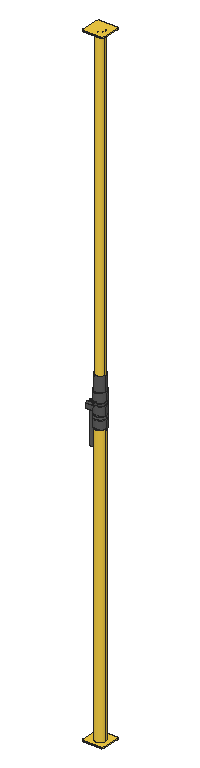
Revit family "EHL_STRONG PROP 3,65-5,25_2154400", category Generic Models, Revit 2018
Family settings
  Can host rebar = No
  Round Connector Dimension = Use Diameter
  Part Type = Normal
  OmniClass Number = 35.51.14.00
  OmniClass Title = FORMWORK
  Work Plane-Based = Yes
  Always vertical = No
  Cut with Voids When Loaded = No
  Shared = Yes
  Room Calculation Point = No
Parameters (values of type "EHL_STRONG PROP 3,65-5,25_2154400")
  VERSION = "20190101"  # constant formula
  URL = "www.ulmaconstruction.com/en"
  UNICLASS = ""
  Manufacturer = "ULMA CONSTRUCTION"  # constant formula
  MIN LENGTH = 3650.000 mm
  MAX LENGTH = 5250.000 mm
  ITEM_HEIGHT [instance] = if(HEIGHT < MIN LENGTH, MIN LENGTH, if(HEIGHT < MAX LENGTH, HEIGHT, MAX LENGTH))  # 3650.000 mm
  ITEM_CODE = "2154400"
  HEIGHT [instance] = 3650.000 mm
  FILTER [instance] = ""
  Default Elevation = 0.000 mm
  CLASSIFICATION_TITLE = ""
  CLASSIFICATION_NUMBER = ""
Reference planes
  plane 1 "Centro (Frontal/Posterior)": y = 0
  plane 2: z = 0
  plane 3 "Centro (Izquierda/Derecha)": x = 0
  plane 4 "ITEM_HEIGHT": z = 3650
  plane 5 "HEIGHT": z = 3650
  plane 6 "INSIDE TUBE": z = 20
  plane 7 "EXTERIOR TUBE": z = 1610
Forms (mm)
  Extrusion 1, solid, material "ULMA YELLOW"
    sketch origin (0, 0, 0) x (1, 0, 0) y (0, 1, 0)
      loop
        arc (-46, 60) -> (-55.899, 55.899) -> (-60, 46) r 14
        line (-60, 46) -> (-60, -46)
        arc (-60, -46) -> (-55.899, -55.899) -> (-46, -60) r 14
        line (-46, -60) -> (46, -60)
        arc (46, -60) -> (55.899, -55.899) -> (60, -46) r 14
        line (60, -46) -> (60, 46)
        arc (60, 46) -> (55.899, 55.899) -> (46, 60) r 14
        line (46, 60) -> (-46, 60)
    from 0 to 4
  Extrusion 2, solid, material "ULMA YELLOW"
    sketch origin (0, 0, 4) x (1, 0, 0) y (0, 1, 0)
      loop
        circle (0, 0) r 30
    from 0 to 1606
  Extrusion 3, solid, material "ULMA YELLOW"
    sketch origin (0, 0, 3650) x (-1, 0, 0) y (0, -1, 0)
      loop
        arc (46, -60) -> (55.899, -55.899) -> (60, -46) r 14
        line (60, -46) -> (60, 46)
        arc (60, 46) -> (55.899, 55.899) -> (46, 60) r 14
        line (46, 60) -> (-46, 60)
        arc (-46, 60) -> (-55.899, 55.899) -> (-60, 46) r 14
        line (-60, 46) -> (-60, -46)
        arc (-60, -46) -> (-55.899, -55.899) -> (-46, -60) r 14
        line (-46, -60) -> (46, -60)
    from 0 to -4
  Extrusion 4, solid, material "ULMA YELLOW"
    sketch origin (-860.375, -1524, 3650) x (-1, 0, 0) y (0, -1, 0)
      loop
        circle (-860.375, -1524) r 26
    from -4 to -3630
  Extrusion 5, solid, material "ULMA BLACK", detail levels fine
    sketch origin (0, 0, 0) x (0, 1, 0) y (0, 0, 1)
      loop
        line (-6.5, 1717) -> (6.5, 1717)
        arc (6.5, 1717) -> (10.036, 1715.536) -> (11.5, 1712) r 5
        line (11.5, 1712) -> (11.5, 1688) -> (15.5, 1688) -> (15.5, 1712)
        arc (15.5, 1712) -> (12.864, 1718.364) -> (6.5, 1721) r 9
        line (6.5, 1721) -> (-6.5, 1721)
        arc (-6.5, 1721) -> (-12.864, 1718.364) -> (-15.5, 1712) r 9
        line (-15.5, 1712) -> (-15.5, 1688) -> (-11.5, 1688) -> (-11.5, 1712)
        arc (-11.5, 1712) -> (-10.036, 1715.536) -> (-6.5, 1717) r 5
    from -68.125 to 0
  Revolve 6, solid, material "ULMA BLACK", detail levels fine
    sketch origin (0, 0, 0) x (1, 0, 0) y (0, 0, 1)
      loop
        line (0, 1610) -> (0, 1798) -> (-34, 1798) -> (-35.5, 1796.5) -> (-35.5, 1749.671)
        arc (-35.5, 1749.671) -> (-35.404, 1747.715) -> (-35.117, 1745.777) r 20
        line (-35.117, 1745.777) -> (-32.393, 1732.055)
        arc (-32.393, 1732.055) -> (-32.192, 1730.698) -> (-32.125, 1729.329) r 14
        line (-32.125, 1729.329) -> (-32.125, 1678.671)
        arc (-32.125, 1678.671) -> (-32.192, 1677.302) -> (-32.393, 1675.945) r 14
        line (-32.393, 1675.945) -> (-35.117, 1662.223)
        arc (-35.117, 1662.223) -> (-35.404, 1660.285) -> (-35.5, 1658.329) r 20
        line (-35.5, 1658.329) -> (-35.5, 1611.5) -> (-34, 1610) -> (0, 1610)
      axis (0, 1798) -> (0, 1610)
    angle from 0 to 360
  Extrusion 7, solid, material "ULMA BLACK", detail levels fine
    sketch origin (-448.639, -1524, 1610) x (-1, 0, 0) y (0, -1, 0)
      loop
        circle (-400.514, -1524) r 10
    from -110 to 100
  Extrusion 8, solid, material "ULMA BLACK", detail levels fine
    sketch origin (-442.814, -1524, 1610) x (-1, 0, 0) y (0, -1, 0)
      loop
        circle (-442.814, -1524) r 30.5
    from 188 to 272
Lines and regions (mm)
  model lines, style "ULMA PROP", detail levels fine
    curve 1: circle (-40, 40, 4) r 7.25 normal (0, 0, 1)
    curve 2: circle (0, 46.5, 4) r 3 normal (0, 0, 1)
    curve 3: circle (40, 40, 4) r 7.25 normal (0, 0, 1)
    curve 4: circle (46.5, 0, 4) r 3 normal (0, 0, 1)
    curve 5: circle (40, -40, 4) r 7.25 normal (0, 0, 1)
    curve 6: circle (0, -46.5, 4) r 3 normal (0, 0, 1)
    curve 7: circle (-40, -40, 4) r 7.25 normal (0, 0, 1)
    curve 8: circle (-46.5, 0, 4) r 3 normal (0, 0, 1)
    curve 9: circle (0, 0, 0) r 21 normal (0, 0, 1)
    curve 10: circle (-40, 40, 0) r 7.25 normal (0, 0, 1)
    curve 11: circle (0, 46.5, 0) r 3 normal (0, 0, 1)
    curve 12: circle (40, 40, 0) r 7.25 normal (0, 0, 1)
    curve 13: circle (46.5, 0, 0) r 3 normal (0, 0, 1)
    curve 14: circle (40, -40, 0) r 7.25 normal (0, 0, 1)
    curve 15: circle (0, -46.5, 0) r 3 normal (0, 0, 1)
    curve 16: circle (-40, -40, 0) r 7.25 normal (0, 0, 1)
    curve 17: circle (-46.5, 0, 0) r 3 normal (0, 0, 1)
    curve 18: circle (-40, 40, 3650) r 7.25 normal (0, 0, 1)
    curve 19: circle (40, 40, 3650) r 7.25 normal (0, 0, 1)
    curve 20: circle (40, -40, 3650) r 7.25 normal (0, 0, 1)
    curve 21: circle (-40, -40, 3650) r 7.25 normal (0, 0, 1)
    curve 22: circle (-40, 40, 3646) r 7.25 normal (0, 0, 1)
    curve 23: circle (40, 40, 3646) r 7.25 normal (0, 0, 1)
    curve 24: circle (40, -40, 3646) r 7.25 normal (0, 0, 1)
    curve 25: circle (-40, -40, 3646) r 7.25 normal (0, 0, 1)
    curve 26: circle (0, 0, 3650) r 21 normal (0, 0, 1)
    curve 27: circle (0, 46.5, 3650) r 3 normal (0, 0, 1)
    curve 28: circle (46.5, 0, 3650) r 3 normal (0, 0, 1)
    curve 29: circle (0, -46.5, 3650) r 3 normal (0, 0, 1)
    curve 30: circle (-46.5, 0, 3650) r 3 normal (0, 0, 1)
    curve 31: circle (0, 46.5, 3646) r 3 normal (0, 0, 1)
    curve 32: circle (46.5, 0, 3646) r 3 normal (0, 0, 1)
    curve 33: circle (0, -46.5, 3646) r 3 normal (0, 0, 1)
    curve 34: circle (-46.5, 0, 3646) r 3 normal (0, 0, 1)
Dimensions and locks
  Extrusion 1 sketch curve to plane 3 "Centro (Izquierda/Derecha)" = 60.000 mm
  Extrusion 1 sketch curve to Extrusion 1 sketch curve = 120.000 mm  (x2)
  plane 1 "Centro (Frontal/Posterior)" to Extrusion 1 sketch curve = 60.000 mm
  "ITEM_HEIGHT": plane 4 "ITEM_HEIGHT" to plane 2
  "HEIGHT": plane 5 "HEIGHT" to plane 2
  Extrusion 3 sketch curve to Extrusion 3 sketch curve = 120.000 mm  (x2)
  locked: plane 4 "ITEM_HEIGHT" to plane 6 "INSIDE TUBE" at 3630
  locked: plane 7 "EXTERIOR TUBE" to plane 2 at 1610
  locked: Extrusion 5 sketch curve to plane 7 "EXTERIOR TUBE" at 78
  locked: plane 7 "EXTERIOR TUBE" to Extrusion 5 sketch curve at 78
  locked: plane 7 "EXTERIOR TUBE" to Extrusion 5 sketch curve at 107
  locked: plane 7 "EXTERIOR TUBE" to Extrusion 5 sketch curve at 111
  diameter of Extrusion 2 sketch curve = 60.000 mm
  diameter of Extrusion 4 sketch curve = 52.000 mm
  aligned and locked: level to plane 2
  aligned and locked: Extrusion 4 to plane 6 "INSIDE TUBE"
  aligned and locked: plane 7 "EXTERIOR TUBE" to Extrusion 2
Automatic sketch dimensions
  curve 19 to Extrusion 3 = 20.000 mm  (x2)
  curve 20 to Extrusion 3 = 20.000 mm  (x2)
  curve 18 to Extrusion 3 = 20.000 mm  (x2)
  curve 21 to Extrusion 3 = 20.000 mm  (x2)
  Extrusion 3 to curve 23 = 20.000 mm  (x2)
  Extrusion 3 to curve 24 = 20.000 mm  (x2)
  Extrusion 3 to curve 25 = 20.000 mm  (x2)
  Extrusion 3 to curve 22 = 20.000 mm  (x2)
  Extrusion 1 sketch curve to Extrusion 1 sketch curve = 14.000 mm  (x4)
  Extrusion 1 to curve 17 = 13.500 mm
  Extrusion 1 to curve 16 = 20.000 mm  (x2)
  Extrusion 1 to curve 10 = 20.000 mm  (x2)
  Extrusion 1 to curve 11 = 13.500 mm
  curve 10 to curve 11 = 40.000 mm
  curve 9 to curve 11 = 0.000 mm
  Extrusion 1 to curve 15 = 13.500 mm
  curve 16 to curve 15 = 40.000 mm
  Extrusion 1 to curve 12 = 20.000 mm  (x2)
  Extrusion 1 to curve 14 = 20.000 mm  (x2)
  Extrusion 1 to curve 13 = 13.500 mm
  curve 9 to curve 11 = 46.500 mm
  curve 14 to curve 13 = 40.000 mm
  curve 16 to curve 17 = 40.000 mm
  curve 19 to curve 26 = 40.000 mm  (x2)
  curve 28 to Extrusion 3 = 13.500 mm
  curve 29 to Extrusion 3 = 13.500 mm
  curve 29 to curve 21 = 40.000 mm
  curve 27 to Extrusion 3 = 13.500 mm
  curve 27 to curve 18 = 40.000 mm
  curve 30 to Extrusion 3 = 13.500 mm
  curve 19 to curve 28 = 40.000 mm
  curve 18 to curve 30 = 40.000 mm
  Extrusion 3 to curve 32 = 13.500 mm
  Extrusion 3 to curve 31 = 13.500 mm
  curve 31 to curve 22 = 40.000 mm
  Extrusion 3 to curve 33 = 13.500 mm
  curve 33 to curve 25 = 40.000 mm
  Extrusion 3 to curve 34 = 13.500 mm
  curve 23 to curve 32 = 40.000 mm
  curve 22 to curve 34 = 40.000 mm
  plane 3 "Centro (Izquierda/Derecha)" to Extrusion 3 sketch curve = 60.000 mm
  Extrusion 3 sketch curve to Extrusion 3 sketch curve = 14.000 mm  (x4)
  Extrusion 5 sketch curve to Extrusion 5 sketch curve = 0.000 mm  (x4)
  plane 1 "Centro (Frontal/Posterior)" to Extrusion 5 sketch curve = 15.500 mm
  plane 1 "Centro (Frontal/Posterior)" to Extrusion 5 sketch curve = 6.500 mm
  Extrusion 5 sketch curve to plane 1 "Centro (Frontal/Posterior)" = 6.500 mm
  Extrusion 5 sketch curve to Extrusion 5 sketch curve = 5.000 mm
  curve 8 to Extrusion 1 = 13.500 mm
  curve 7 to Extrusion 1 = 20.000 mm  (x2)
  curve 1 to Extrusion 1 = 20.000 mm  (x2)
  curve 2 to Extrusion 1 = 13.500 mm
  curve 1 to curve 2 = 40.000 mm
  curve 6 to Extrusion 1 = 13.500 mm
  curve 7 to curve 6 = 40.000 mm
  curve 3 to Extrusion 1 = 20.000 mm  (x2)
  curve 5 to Extrusion 1 = 20.000 mm  (x2)
  curve 4 to Extrusion 1 = 13.500 mm
  curve 5 to curve 4 = 40.000 mm
  curve 7 to curve 8 = 40.000 mm
  plane 1 "Centro (Frontal/Posterior)" to Extrusion 7 sketch curve = 0.000 mm
  Extrusion 7 sketch curve to plane 3 "Centro (Izquierda/Derecha)" = 48.125 mm
  Revolve 6 sketch curve to plane 7 "EXTERIOR TUBE" = 0.000 mm
  Revolve 6 sketch curve to plane 3 "Centro (Izquierda/Derecha)" = 0.000 mm  (x2)
  Revolve 6 sketch curve to plane 3 "Centro (Izquierda/Derecha)" = 15.500 mm  (x2)
  Revolve 6 sketch curve to Revolve 6 sketch curve = 16.625 mm
  Revolve 6 sketch curve to Revolve 6 sketch curve = 0.268 mm
  Revolve 6 sketch curve to Revolve 6 sketch curve = 34.000 mm
  Revolve 6 sketch curve to Revolve 6 sketch curve = 2.724 mm  (x2)
  Revolve 6 sketch curve to Revolve 6 sketch curve = 1.500 mm  (x3)
  Revolve 6 sketch curve to Revolve 6 sketch curve = 0.383 mm
  Revolve 6 sketch curve to Revolve 6 sketch curve = 14.000 mm
  Revolve 6 sketch curve to Revolve 6 sketch curve = 13.732 mm
  plane 7 "EXTERIOR TUBE" to Revolve 6 sketch curve = 48.329 mm
  Revolve 6 sketch curve to Revolve 6 sketch curve = 13.722 mm  (x2)
  Revolve 6 sketch curve to Revolve 6 sketch curve = 2.726 mm
  Revolve 6 sketch curve to Revolve 6 sketch curve = 46.829 mm
  plane 7 "EXTERIOR TUBE" to Revolve 6 sketch curve = 1.500 mm
  Revolve 6 sketch curve to level = 366.045 mm
  Revolve 6 sketch curve to Revolve 6 sketch curve = 50.658 mm
  Revolve 6 sketch curve to plane 4 "ITEM_HEIGHT" = 135.685 mm
  plane 1 "Centro (Frontal/Posterior)" to Extrusion 8 sketch curve = 0.000 mm
  Extrusion 8 sketch curve to plane 3 "Centro (Izquierda/Derecha)" = 0.000 mm
  plane 1 "Centro (Frontal/Posterior)" to Extrusion 4 sketch curve = 0.000 mm
  Extrusion 4 sketch curve to plane 3 "Centro (Izquierda/Derecha)" = 0.000 mm
  Extrusion 2 sketch curve to Extrusion 1 = 60.000 mm  (x2)
  Extrusion 3 sketch curve to plane 1 "Centro (Frontal/Posterior)" = 60.000 mm
  radius of curve 18 = 7.250 mm
  radius of curve 19 = 7.250 mm
  radius of curve 20 = 7.250 mm
  radius of curve 21 = 7.250 mm
  radius of curve 26 = 21.000 mm
  radius of curve 22 = 7.250 mm
  radius of curve 23 = 7.250 mm
  radius of curve 24 = 7.250 mm
  radius of curve 25 = 7.250 mm
  radius of curve 9 = 21.000 mm
  radius of curve 10 = 7.250 mm
  radius of curve 11 = 3.000 mm
  radius of curve 12 = 7.250 mm
  radius of curve 13 = 3.000 mm
  radius of curve 14 = 7.250 mm
  radius of curve 15 = 3.000 mm
  radius of curve 16 = 7.250 mm
  radius of curve 17 = 3.000 mm
  radius of curve 27 = 3.000 mm
  radius of curve 28 = 3.000 mm
  radius of curve 29 = 3.000 mm
  radius of curve 30 = 3.000 mm
  radius of curve 31 = 3.000 mm
  radius of curve 32 = 3.000 mm
  radius of curve 33 = 3.000 mm
  radius of curve 34 = 3.000 mm
  radius of curve 1 = 7.250 mm
  radius of curve 2 = 3.000 mm
  radius of curve 3 = 7.250 mm
  radius of curve 4 = 3.000 mm
  radius of curve 5 = 7.250 mm
  radius of curve 6 = 3.000 mm
  radius of curve 7 = 7.250 mm
  radius of curve 8 = 3.000 mm
  radius of Extrusion 7 sketch curve = 10.000 mm
  radius of Extrusion 8 sketch curve = 30.500 mm
